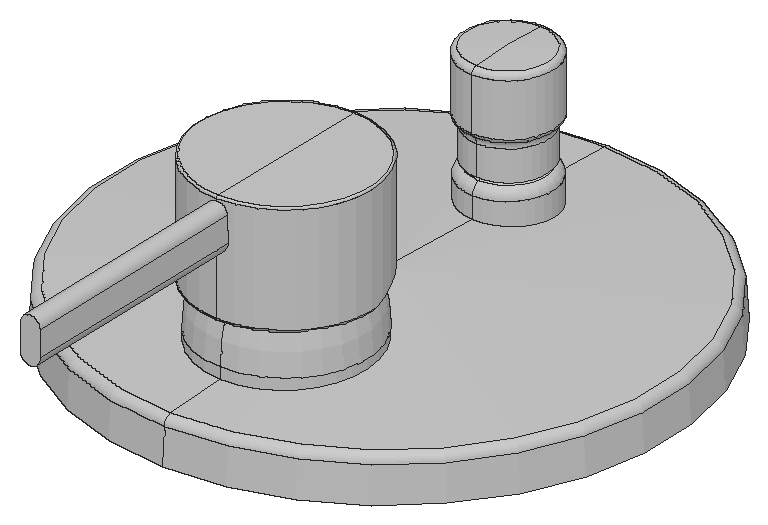
Revit family "Sanitary_Taps-mixers_hansgrohe_74416XXX-Zesis-S-Single-lever-bath-mixer_concealed-installation_integrated-security", category Plumbing Fixtures, host Face, Revit 2022
Family settings
  Host = Face
  Round Connector Dimension = Use Diameter
  Part Type = Normal
  OmniClass Number = 23.31.11.00
  OmniClass Title = Faucets
  Cut with Voids When Loaded = Yes
  Maintain Annotation Orientation = No
  Shared = No
  Room Calculation Point = No
Parameters (values of type "000 Chrome")
  Version = 1  # constant formula
  URL = "https://www.hansgrohe.com/"
  Product data url = "https://www.bimobject.com/en/hansgrohe/product/74416XXX"
  Product Page URL = "https://www.hansgrohe.com/articledetail--74416000"
  Model = "74416XXX"  # constant formula
  Material 1 = Hansgrohe - Metal - 000 Chrome
  Manufacturer = "Hansgrohe"  # constant formula
  Description = "Zesis S Single lever bath mixer for concealed installation with integrated security combination according to EN1717 for iBox universal"  # constant formula
  Default Elevation = 0 mm
  Date Updated = ""
  Date Created = "2024/12/17"  # constant formula
Types (3, lengths in mm): name | Material 1
  (no name) | Hansgrohe - Metal - 000 Chrome
  000 Chrome | Hansgrohe - Metal - 000 Chrome
  670 Matt Black | Hansgrohe - Metal - 670 Matt Black
Reference planes
  plane 1 "Center (Front/Back)": y = 0
  plane 2: z = 0
  plane 3 "Center (Left/Right)": x = 0
Forms (mm)
  Revolve 1, solid, material "Hansgrohe - Metal - 000 Chrome" <- "Material 1", detail levels fine
    sketch origin (0, 0, 0) x (0, 1, 0) y (0, 0, 1)
      loop
        line (0, 0) -> (74.941, 0) -> (74.448, 9.406)
        arc (74.448, 9.406) -> (73.752, 11.01) -> (72.175, 11.765) r 2.5
        arc (72.175, 11.765) -> (36.124, 14.191) -> (0, 15) r 806.803
        line (0, 15) -> (0, 0)
      axis (0, 15) -> (0, 0)
    angle from 0 to 360
  Revolve 2, solid, material "Hansgrohe - Metal - 000 Chrome" <- "Material 1", detail levels fine
    sketch origin (0, 0, 0) x (0, 1, 0) y (0, 0, 1)
      loop
        line (39.952, 4.9) -> (51.743, 4.9) -> (51.743, 19.4)
        arc (51.743, 19.4) -> (51.225, 21.078) -> (49.852, 22.174) r 2.98
        line (49.852, 22.174) -> (47.186, 23.222) -> (50.452, 23.222) -> (50.452, 31.222)
        arc (50.452, 31.222) -> (50.75, 32.456) -> (51.577, 33.419) r 2.707
        arc (51.577, 33.419) -> (51.883, 33.774) -> (51.993, 34.23) r 1
        line (51.993, 34.23) -> (51.993, 48.354)
        arc (51.993, 48.354) -> (51.594, 49.372) -> (50.611, 49.849) r 1.5
        arc (50.611, 49.849) -> (45.286, 50.165) -> (39.952, 50.27) r 135.292
        line (39.952, 50.27) -> (39.952, 4.9)
      axis (39.952, 4.9) -> (39.952, 50.27)
    angle from 0 to 360
  Revolve 3, solid, material "Hansgrohe - Metal - 000 Chrome" <- "Material 1", detail levels fine
    sketch origin (0, 0, 0) x (0, 1, 0) y (0, 0, 1)
      loop
        line (-34.048, 8.388) -> (-12.298, 8.388) -> (-12.298, 15.388)
        arc (-12.298, 15.388) -> (-13.657, 25.86) -> (-17.645, 35.638) r 41.02
        line (-17.645, 35.638) -> (-34.048, 35.638) -> (-34.048, 8.388)
      axis (-34.048, 35.638) -> (-34.048, 8.388)
    angle from 0 to 360
  Extrusion 4, void
    sketch origin (0, 0, 0) x (0, 1, 0) y (0, 0, 1)
      loop
        line (0, 37.41) -> (-39.523, 25.326) -> (0, 25.326) -> (0, 37.41)
    from -25 to 25
  Revolve 5, solid, material "Hansgrohe - Metal - 000 Chrome" <- "Material 1", detail levels fine
    sketch origin (0, 0, 0) x (0, 1, 0) y (0, 0, 1)
      loop
        line (-34.048, 27) -> (-11.548, 27)
        arc (-11.548, 27) -> (-11.194, 27.146) -> (-11.048, 27.5) r 0.5
        line (-11.048, 27.5) -> (-11.048, 56.138)
        arc (-11.048, 56.138) -> (-11.194, 56.492) -> (-11.548, 56.638) r 0.5
        line (-11.548, 56.638) -> (-34.048, 56.638) -> (-34.048, 27)
      axis (-34.048, 56.638) -> (-34.048, 27)
    angle from 0 to 360
  Sweep 6, solid, material "Hansgrohe - Metal - 000 Chrome" <- "Material 1", detail levels fine
    path origin (0, 0, 0) x (0, 1, 0) y (0, 0, 1)
      loop
        line (-118.95, 49.596) -> (-33.95, 49.596)
    profile origin (0, -118.95, 49.596) x (0, 0, 1) y (1, 0, 0)
      loop
        line (-3.298, -2.749) -> (3.315, -2.634)
        arc (3.315, -2.634) -> (5.904, 0) -> (3.315, 2.634) r 2.634
        line (3.315, 2.634) -> (-3.298, 2.749)
        arc (-3.298, 2.749) -> (-6.096, 0) -> (-3.298, -2.749) r 2.75
  Revolve 7, solid, material "Hansgrohe - Metal - 000 Chrome" <- "Material 1", detail levels coarse+medium
    sketch origin (0, 0, 0) x (0, 1, 0) y (0, 0, 1)
      loop
        line (0, 0) -> (74.941, 0) -> (74.941, 15) -> (0, 15) -> (0, 0)
      axis (0, 15) -> (0, 0)
    angle from 0 to 360
  Revolve 8, solid, material "Hansgrohe - Metal - 000 Chrome" <- "Material 1", detail levels medium
    sketch origin (0, 0, 0) x (0, 1, 0) y (0, 0, 1)
      loop
        line (39.952, 4.9) -> (51.743, 4.9) -> (51.743, 19.4) -> (47.186, 23.222) -> (50.452, 23.222) -> (50.452, 31.222) -> (51.993, 34.23) -> (51.993, 50.27) -> (39.952, 50.27) -> (39.952, 4.9)
      axis (39.952, 4.9) -> (39.952, 50.27)
    angle from 0 to 360
  Revolve 9, solid, material "Hansgrohe - Metal - 000 Chrome" <- "Material 1", detail levels medium
    sketch origin (0, 0, 0) x (0, 1, 0) y (0, 0, 1)
      loop
        line (-34.048, 8.388) -> (-12.301, 8.388) -> (-12.301, 27) -> (-11.048, 27) -> (-11.048, 56.638) -> (-34.048, 56.638) -> (-34.048, 8.388)
      axis (-34.048, 56.638) -> (-34.048, 8.388)
    angle from 0 to 360
  Sweep 10, solid, material "Hansgrohe - Metal - 000 Chrome" <- "Material 1", detail levels coarse+medium
    path origin (0, 0, 0) x (0, 1, 0) y (0, 0, 1)
      loop
        line (-118.95, 49.596) -> (-33.95, 49.596)
    profile origin (0, -118.95, 49.596) x (0, 0, 1) y (1, 0, 0)
      loop
        line (-6.096, -2.749) -> (5.904, -2.749) -> (5.904, 2.749) -> (-6.096, 2.749) -> (-6.096, -2.749)
  Revolve 11, solid, material "Hansgrohe - Metal - 000 Chrome" <- "Material 1", detail levels coarse
    sketch origin (0, 0, 0) x (0, 1, 0) y (0, 0, 1)
      loop
        line (39.952, 4.9) -> (51.743, 4.9) -> (51.743, 50.27) -> (39.952, 50.27) -> (39.952, 4.9)
      axis (39.952, 4.9) -> (39.952, 50.27)
    angle from 0 to 360
  Revolve 12, solid, material "Hansgrohe - Metal - 000 Chrome" <- "Material 1", detail levels coarse
    sketch origin (0, 0, 0) x (0, 1, 0) y (0, 0, 1)
      loop
        line (-34.048, 8.388) -> (-11.048, 8.388) -> (-11.048, 56.638) -> (-34.048, 56.638) -> (-34.048, 8.388)
      axis (-34.048, 56.638) -> (-34.048, 8.388)
    angle from 0 to 360
Cuts and joins
  Extrusion 4 cuts Revolve 5
  joined: Revolve 3, Revolve 5, Sweep 6
Lines and regions (mm)
  Masking region 1
    outline origin (0, 0, 0) x (0, 1, 0) y (0, 0, 1)
      loop
        arc (28.327, 33.419) -> (29.154, 32.456) -> (29.452, 31.222) r 2.707
        line (29.452, 31.222) -> (29.452, 23.222) -> (32.718, 23.222) -> (30.052, 22.174)
        arc (30.052, 22.174) -> (28.679, 21.078) -> (28.161, 19.4) r 2.98
        line (28.161, 19.4) -> (28.161, 14.508)
        arc (28.161, 14.508) -> (14.083, 14.877) -> (0, 15) r 806.803
        arc (0, 15) -> (-6.151, 14.977) -> (-12.301, 14.906) r 806.803
        arc (-12.301, 14.906) -> (-13.194, 23.913) -> (-16.04, 32.506) r 41.02
        line (-16.04, 32.506) -> (-11.048, 34.032) -> (-11.048, 56.138)
        arc (-11.048, 56.138) -> (-11.194, 56.492) -> (-11.548, 56.638) r 0.5
        line (-11.548, 56.638) -> (-34.048, 56.638) -> (-57.048, 56.638) -> (-57.048, 55.5) -> (-118.95, 55.5) -> (-118.95, 43.5) -> (-57.048, 43.5) -> (-57.048, 26.995) -> (-54.122, 26.995)
        arc (-54.122, 26.995) -> (-55.526, 20.103) -> (-55.733, 13.073) r 41.02
        arc (-55.733, 13.073) -> (-63.957, 12.461) -> (-72.175, 11.765) r 806.803
        arc (-72.175, 11.765) -> (-73.752, 11.01) -> (-74.448, 9.406) r 2.5
        line (-74.448, 9.406) -> (-74.941, 0) -> (0, 0) -> (74.941, 0) -> (74.448, 9.406)
        arc (74.448, 9.406) -> (73.752, 11.01) -> (72.175, 11.765) r 2.5
        arc (72.175, 11.765) -> (61.964, 12.617) -> (51.743, 13.339) r 806.803
        line (51.743, 13.339) -> (51.743, 19.4)
        arc (51.743, 19.4) -> (51.225, 21.078) -> (49.852, 22.174) r 2.98
        line (49.852, 22.174) -> (47.186, 23.222) -> (50.452, 23.222) -> (50.452, 31.222)
        arc (50.452, 31.222) -> (50.75, 32.456) -> (51.577, 33.419) r 2.707
        arc (51.577, 33.419) -> (51.883, 33.774) -> (51.993, 34.23) r 1
        line (51.993, 34.23) -> (51.993, 48.354)
        arc (51.993, 48.354) -> (51.594, 49.372) -> (50.611, 49.849) r 1.5
        arc (50.611, 49.849) -> (45.286, 50.165) -> (39.952, 50.27) r 135.292
        arc (39.952, 50.27) -> (34.618, 50.165) -> (29.293, 49.849) r 135.292
        arc (29.293, 49.849) -> (28.31, 49.372) -> (27.911, 48.354) r 1.5
        line (27.911, 48.354) -> (27.911, 34.23)
        arc (27.911, 34.23) -> (28.021, 33.774) -> (28.327, 33.419) r 1
  Masking region 2
    outline origin (0, 0, 0) x (1, 0, 0) y (0, 0, 1)
      loop
        line (0, 56.638) -> (-22.5, 56.638)
        arc (-22.5, 56.638) -> (-22.854, 56.492) -> (-23, 56.138) r 0.5
        line (-23, 56.138) -> (-23, 27.5)
        arc (-23, 27.5) -> (-22.854, 27.146) -> (-22.5, 27) r 0.5
        line (-22.5, 27) -> (-20.072, 27)
        arc (-20.072, 27) -> (-21.376, 20.917) -> (-21.744, 14.707) r 41.02
        arc (-21.744, 14.707) -> (-46.983, 13.631) -> (-72.175, 11.765) r 806.803
        arc (-72.175, 11.765) -> (-73.752, 11.01) -> (-74.448, 9.406) r 2.5
        line (-74.448, 9.406) -> (-74.941, 0) -> (0, 0) -> (74.941, 0) -> (74.448, 9.406)
        arc (74.448, 9.406) -> (73.752, 11.01) -> (72.175, 11.765) r 2.5
        arc (72.175, 11.765) -> (46.983, 13.631) -> (21.744, 14.707) r 806.803
        arc (21.744, 14.707) -> (21.376, 20.917) -> (20.072, 27) r 41.02
        line (20.072, 27) -> (22.5, 27)
        arc (22.5, 27) -> (22.854, 27.146) -> (23, 27.5) r 0.5
        line (23, 27.5) -> (23, 56.138)
        arc (23, 56.138) -> (22.854, 56.492) -> (22.5, 56.638) r 0.5
        line (22.5, 56.638) -> (0, 56.638)
  Masking region 3
    outline origin (0, 0, 0) x (1, 0, 0) y (0, 1, 0)
      loop
        arc (2.75, -74.891) -> (0, 74.941) -> (-2.75, -74.891) r 74.941
        line (-2.75, -74.891) -> (-2.75, -118.95) -> (2.75, -118.95) -> (2.75, -74.891)
  symbolic lines, detail levels medium+fine
    curve 1: line (0, -34.063, 26.995) -> (0, -54.122, 26.995)
    curve 2: line (0, -16.04, 32.506) -> (0, -34.063, 26.995)
    curve 3: line (0, -57.048, 43.5) -> (0, -57.048, 55.5)
    curve 4: arc (0, -55.733, 13.073) -> (0, -34.029, 14.282) -> (0, -12.301, 14.906) r 806.803
    curve 5: arc (0, 51.743, 13.339) -> (0, 39.956, 14.01) -> (0, 28.161, 14.508) r 806.803
    curve 6: line (0, 47.186, 23.222) -> (0, 32.718, 23.222)
    curve 8: circle (0, -33.95, 0) r 23 normal (0, 0, 1)
    curve 9: circle (0, 39.952, 0) r 12.041 normal (0, 0, 1)
    curve 10: line (-2.634, -74.936, 0) -> (-2.634, -56.799, 0)
    curve 11: line (2.75, -74.891, 0) -> (2.75, -56.786, 0)
    curve 12: spline (11.272, 0, 33.115) -> (12.915, 0, 32.807) -> (14.464, 0, 32.461) -> (15.911, 0, 32.079) -> (17.243, 0, 31.662) -> (18.453, 0, 31.215) -> (19.531, 0, 30.74) -> (20.471, 0, 30.24) -> (21.265, 0, 29.72) -> (21.908, 0, 29.181) -> (22.397, 0, 28.629) -> (22.727, 0, 28.067) -> (22.896, 0, 27.499)
    curve 13: line (-12.041, 0, 48.354) -> (-12.041, 0, 34.23)
    curve 14: arc (-12.041, 0, 34.23) -> (-11.931, 0, 33.774) -> (-11.625, 0, 33.419) r 1
    curve 15: arc (-11.625, 0, 33.419) -> (-10.798, 0, 32.456) -> (-10.5, 0, 31.222) r 2.707
    curve 16: line (-10.5, 0, 31.222) -> (-10.5, 0, 23.222)
    curve 17: line (-10.5, 0, 23.222) -> (-7.234, 0, 23.222)
    curve 18: line (-7.234, 0, 23.222) -> (-9.9, 0, 22.174)
    curve 19: arc (-9.9, 0, 22.174) -> (-11.273, 0, 21.078) -> (-11.791, 0, 19.4) r 2.98
    curve 20: line (-11.791, 0, 19.4) -> (-11.791, 0, 13.914)
    curve 21: arc (0, 0, 50.27) -> (-5.334, 0, 50.165) -> (-10.659, 0, 49.849) r 135.292
    curve 22: arc (-10.659, 0, 49.849) -> (-11.642, 0, 49.372) -> (-12.041, 0, 48.354) r 1.5
    curve 23: line (-7.234, 0, 23.222) -> (0, 0, 23.222)
    curve 24: spline (20.051, 0, 27) -> (19.871, 0, 27.463) -> (19.568, 0, 27.92) -> (19.144, 0, 28.368) -> (18.601, 0, 28.806) -> (17.943, 0, 29.23) -> (17.174, 0, 29.637) -> (16.298, 0, 30.026) -> (15.321, 0, 30.394) -> (14.248, 0, 30.738) -> (13.087, 0, 31.056) -> (11.845, 0, 31.347) -> (10.528, 0, 31.609)
    curve 25: spline (-10.528, 0, 31.609) -> (-11.845, 0, 31.347) -> (-13.087, 0, 31.056) -> (-14.248, 0, 30.738) -> (-15.321, 0, 30.394) -> (-16.298, 0, 30.026) -> (-17.174, 0, 29.637) -> (-17.943, 0, 29.23) -> (-18.601, 0, 28.806) -> (-19.144, 0, 28.368) -> (-19.568, 0, 27.92) -> (-19.871, 0, 27.463) -> (-20.051, 0, 27)
    curve 26: line (12.041, 0, 48.354) -> (12.041, 0, 34.23)
    curve 27: arc (12.041, 0, 34.23) -> (11.931, 0, 33.774) -> (11.625, 0, 33.419) r 1
    curve 28: arc (11.625, 0, 33.419) -> (10.798, 0, 32.456) -> (10.5, 0, 31.222) r 2.707
    curve 29: line (10.5, 0, 31.222) -> (10.5, 0, 23.222)
    curve 30: line (10.5, 0, 23.222) -> (7.234, 0, 23.222)
    curve 31: line (7.234, 0, 23.222) -> (9.9, 0, 22.174)
    curve 32: arc (9.9, 0, 22.174) -> (11.273, 0, 21.078) -> (11.791, 0, 19.4) r 2.98
    curve 33: line (11.791, 0, 19.4) -> (11.791, 0, 13.914)
    curve 34: arc (0, 0, 50.27) -> (5.334, 0, 50.165) -> (10.659, 0, 49.849) r 135.292
    curve 35: arc (10.659, 0, 49.849) -> (11.642, 0, 49.372) -> (12.041, 0, 48.354) r 1.5
    curve 36: line (7.234, 0, 23.222) -> (0, 0, 23.222)
    curve 37: spline (-11.272, 0, 33.115) -> (-12.915, 0, 32.807) -> (-14.464, 0, 32.461) -> (-15.911, 0, 32.079) -> (-17.243, 0, 31.662) -> (-18.453, 0, 31.215) -> (-19.531, 0, 30.74) -> (-20.471, 0, 30.24) -> (-21.265, 0, 29.72) -> (-21.908, 0, 29.181) -> (-22.397, 0, 28.629) -> (-22.727, 0, 28.067) -> (-22.896, 0, 27.499)
    curve 38: arc (21.744, 0, 14.707) -> (16.768, 0, 14.826) -> (11.791, 0, 14.914) r 806.803
    curve 39: arc (11.791, 0, 13.914) -> (0, 0, 14.279) -> (-11.791, 0, 13.914) r 190.75
    curve 40: arc (-11.791, 0, 14.914) -> (-16.768, 0, 14.826) -> (-21.744, 0, 14.707) r 806.803
  symbolic lines, detail levels fine
    curve 7: line (0, 51.993, 34.23) -> (0, 27.911, 34.23)
Dimensions and locks
  aligned and locked: plane 2 to host face
  aligned and locked: level to host face
